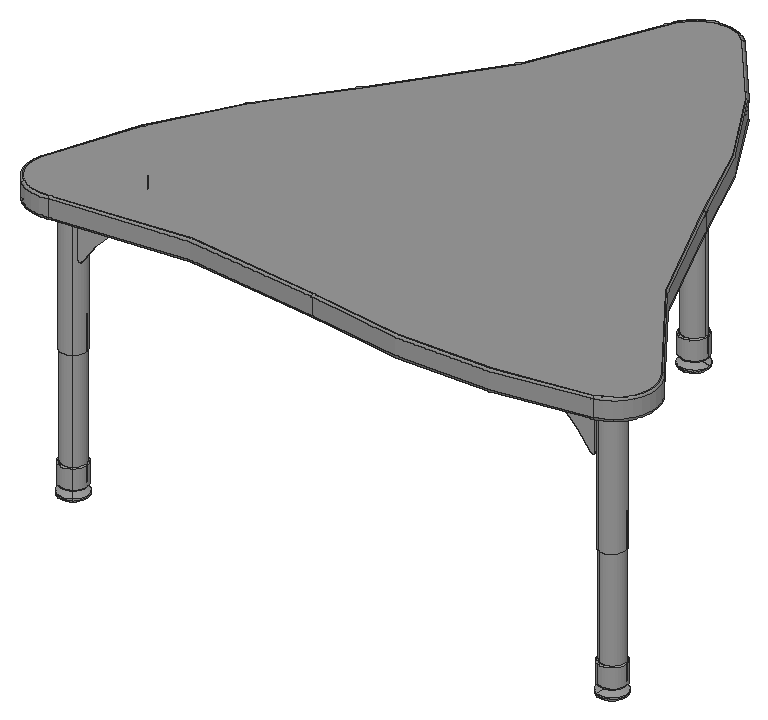
Revit family "Hierarchy Creator Triangle Desk - Youth Height", category Furniture, Revit 2018
Family settings
  Work Plane-Based = No
  Always vertical = Yes
  Cut with Voids When Loaded = No
  Shared = No
  Room Calculation Point = No
Parameters
  Surface = Hierarchy Creator Triangle Desk Youth Surface
  Leg Finish = Hierarchy Leg Platinum
  Edgeband = Hierarchy Creator Triangle Desk Youth Edgeband
  Desk Height = 1' - 4"
  Caster/Glide = Hierarchy Youth Leg - Glide : Hierarchy Youth Leg - Glide
Reference planes (in)
  plane 1 "Center (Front/Back)": y = 0
  plane 2: z = 0
  plane 3 "Center (Left/Right)": x = 0
  plane 4: z = 16
Dimensions and locks (in)
  "Desk Height": plane 4 to level
  aligned and locked: plane 2 to level
  aligned and locked: nested 1 to plane 4
Nested families (in)
  nested 1: "Creator Triangle Desk Tabletop" at (0.04688, -4.75192, 2.97788), type "Creator Triangle Desk Tabletop"
  nested 2: "Hierarchy Youth Leg - Glide" at (-16.0836, -13.74317, 0) x (-0.6183, 0.7859, 0) z (0, 0, 1), Leg Height <- "Desk Height", type <- "Caster/Glide", Leg Finish <- "Leg Finish", type "Hierarchy Youth Leg - Glide"
    with Leg Height 1' - 4", Leg Finish Hierarchy Leg Platinum
  nested 3: "Hierarchy Youth Leg - Glide" at (15.66289, -12.80031, 0) x (0.3678, 0.9299, 0) z (0, 0, 1), Leg Height <- "Desk Height", type <- "Caster/Glide", Leg Finish <- "Leg Finish", type "Hierarchy Youth Leg - Glide"
    with Leg Height 1' - 4", Leg Finish Hierarchy Leg Platinum
  nested 4: "Hierarchy Youth Leg - Glide" at (-0.996, 14.17635, 0) x (0.9898, 0.1425, 0) z (0, 0, 1), Leg Finish <- "Leg Finish", Leg Height <- "Desk Height", type "Hierarchy Youth Leg - Glide"
    with Leg Height 1' - 4", Leg Finish Hierarchy Leg Platinum
Definition of nested family "Creator Triangle Desk Tabletop"
  Parameters (values of type "Creator Triangle Desk Tabletop")
    Surface = none
    Edgeband = none
  Reference planes (in)
    plane 1 "Center (Front/Back)": y = 0
    plane 2: z = 0
    plane 3 "Center (Left/Right)": x = 0
  Forms (in)
    Extrusion 1, solid, material <- "Surface"
      sketch origin (0, 0, 0) x (1, 0, 0) y (0, 1, 0)
        loop
          arc (0.49793, 20.64445) -> (-1.62997, 21.25192) -> (-3.23948, 19.73323) r 2.23764
          arc (-3.23948, 19.73323) -> (-6.27486, 12.50268) -> (-10.68964, 6.02163) r 39.17158
          arc (-10.68964, 6.02163) -> (-15.30181, -0.83979) -> (-18.36031, -8.52072) r 38.91212
          arc (-18.36031, -8.52072) -> (-17.82317, -10.66793) -> (-15.70247, -11.30166) r 2.23648
          arc (-15.70247, -11.30166) -> (-7.92295, -10.31182) -> (-0.10265, -10.89815) r 39.0058
          arc (-0.10265, -10.89815) -> (8.14576, -11.46539) -> (16.3268, -10.27009) r 38.75551
          arc (16.3268, -10.27009) -> (17.91698, -8.73073) -> (17.40639, -6.57722) r 2.23801
          arc (17.40639, -6.57722) -> (12.66225, -0.33343) -> (9.25675, 6.73016) r 39.1738
          arc (9.25675, 6.73016) -> (5.62049, 14.15511) -> (0.49793, 20.64445) r 38.91895
      from 13.02212 to 14.27206
    Sweep 2, solid, material <- "Edgeband"
      path origin (0, 0, 0) x (1, 0, 0) y (0, 1, 0)
        loop
          arc (0.49793, 20.64445) -> (-1.62997, 21.25192) -> (-3.23948, 19.73323) r 2.23764
          arc (-3.23948, 19.73323) -> (-6.27486, 12.50268) -> (-10.68964, 6.02163) r 39.17158
          arc (-10.68964, 6.02163) -> (-15.30181, -0.83979) -> (-18.36031, -8.52072) r 38.91212
          arc (-18.36031, -8.52072) -> (-17.82317, -10.66793) -> (-15.70247, -11.30166) r 2.23648
          arc (-15.70247, -11.30166) -> (-7.92295, -10.31182) -> (-0.10265, -10.89815) r 39.0058
          arc (-0.10265, -10.89815) -> (8.14576, -11.46539) -> (16.3268, -10.27009) r 38.75551
          arc (16.3268, -10.27009) -> (17.91698, -8.73073) -> (17.40639, -6.57722) r 2.23801
          arc (17.40639, -6.57722) -> (12.66225, -0.33343) -> (9.25675, 6.73016) r 39.1738
          arc (9.25675, 6.73016) -> (5.62049, 14.15511) -> (0.49793, 20.64445) r 38.91895
      profile origin (-1.62997, 21.25192, 0) x (0.236871, -0.971541, 0) y (0, 0, 1)
        loop
          line (0, 13.02218) -> (0, 14.27206)
          arc (0, 14.27206) -> (-0.08841, 14.23311) -> (-0.12472, 14.14358) r 0.12854
          line (-0.12472, 14.14358) -> (-0.12472, 13.15066)
          arc (-0.12472, 13.15066) -> (-0.08841, 13.06113) -> (0, 13.02218) r 0.12854
  Dimensions and locks (in)
    aligned and locked: plane 2 to level
Definition of nested family "Hierarchy Youth Leg - Glide"
  Parameters (values of type "Hierarchy Youth Leg - Glide")
    Leg Finish [instance] = none
    Leg Height [instance] = 1' - 4.80117"
  Reference planes (in)
    plane 1 "Center (Front/Back)": y = 0
    plane 2: z = 0
    plane 3 "Center (Left/Right)": x = 0
  Forms (in)
    Extrusion 1, solid
      sketch origin (-0.01562, 0, 0) x (1, 0, 0) y (0, 1, 0)
        loop
          circle (0.01563, 0) r 0.67016
      from 0.67618 to 10.55018
    Revolve 2, solid
      sketch origin (0, 0, 0) x (1, 0, 0) y (0, 0, 1)
        loop
          line (-0.73189, 1.80118) -> (-0.79439, 1.73867) -> (-0.79439, 0.61381) -> (-0.73176, 0.55118) -> (-0.125, 0.55118) -> (-0.125, 0.42618) -> (-0.84656, 0.16241) -> (-0.84656, 0.08994) -> (-0.81359, 0) -> (0, 0) -> (0, 1.80118) -> (-0.73189, 1.80118)
        axis (0, 1.80118) -> (0, 0)
      angle from 0 to 360
  Dimensions and locks (in)
    "Leg Height": nested 1 to level  (x2)
    aligned and locked: plane 2 to level
  Automatic sketch dimensions
    plane 1 "Center (Front/Back)" to Extrusion 1 sketch curve = 0' - 0"
    Extrusion 1 sketch curve to plane 3 "Center (Left/Right)" = 0' - 0"
    Revolve 2 sketch curve to level = 0' - 0"
    Revolve 2 sketch curve to plane 3 "Center (Left/Right)" = 0' - 0"  (x2)
    Revolve 2 sketch curve to plane 3 "Center (Left/Right)" = 0' - 0 1/8"
    Revolve 2 sketch curve to Revolve 2 sketch curve = 0' - 0.60676"
    Revolve 2 sketch curve to Revolve 2 sketch curve = 0' - 0.73189"
    Revolve 2 sketch curve to Revolve 2 sketch curve = 0' - 0.06263"  (x2)
    Revolve 2 sketch curve to Revolve 2 sketch curve = 0' - 0.08183"
    Revolve 2 sketch curve to Revolve 2 sketch curve = 0' - 0.03297"
    level to Revolve 2 sketch curve = 0' - 0.08994"
    Revolve 2 sketch curve to Revolve 2 sketch curve = 0' - 0.07247"
    level to Revolve 2 sketch curve = 0' - 0.42618"
    Revolve 2 sketch curve to Revolve 2 sketch curve = 0' - 0 1/8"
    Revolve 2 sketch curve to Revolve 2 sketch curve = 0' - 1.12486"
    Revolve 2 sketch curve to Revolve 2 sketch curve = 0' - 0 1/16"
    Revolve 2 sketch curve to level = 2' - 0"
    Revolve 2 sketch curve to Revolve 2 sketch curve = 8' - 4.91764"
    radius of Extrusion 1 sketch curve = 0' - 0.67016"
  Nested families (in)
    nested 1: "Hierarchy Youth Upper Leg 2023" at (0, 0, 0), Leg Finish <- "Leg Finish", type "Hierarchy Youth Upper Leg 2023"
      with Leg Finish none
  Definition of nested family "Hierarchy Youth Upper Leg 2023"
    Parameters (values of type "Hierarchy Youth Upper Leg 2023")
      Leg Finish [instance] = none
    Reference planes (in)
      plane 1 "Center (Front/Back)": y = 0
      plane 2: z = 0
      plane 3 "Center (Left/Right)": x = 0
    Forms (in)
      Extrusion 1, solid, material <- "Leg Finish"
        sketch origin (0, 0, -11.001) x (1, 0, 0) y (0, 1, 0)
          loop
            circle (0, 0) r 0.75
        from 19.67618 to 27.67618
      Extrusion 2, solid, material <- "Leg Finish"
        sketch origin (0, 0, -11.001) x (1, 0, 0) y (0, 1, 0)
          loop
            line (-1.70174, 0.19183) -> (-2.88626, -2.26116)
            arc (-2.88626, -2.26116) -> (-2.83993, -3.09822) -> (-2.1063, -3.50394) r 0.86614
            line (-2.1063, -3.50394) -> (2.1063, -3.50394)
            arc (2.1063, -3.50394) -> (2.83993, -3.09822) -> (2.88626, -2.26116) r 0.86614
            line (2.88626, -2.26116) -> (1.70174, 0.19183)
            arc (1.70174, 0.19183) -> (0, 1.25984) -> (-1.70174, 0.19183) r 1.88976
        from 27.67618 to 27.80217
      Extrusion 3, solid, material <- "Leg Finish"
        sketch origin (-1.48519, 8.66524, -11.001) x (-0.434844, 0.900506, 0) y (0, 0, 1)
          loop
            line (-9.01425, 27.67618) -> (-11.80952, 27.67618)
            arc (-11.80952, 27.67618) -> (-11.92325, 27.58993) -> (-11.87088, 27.45715) r 0.11811
            arc (-11.87088, 27.45715) -> (-10.39364, 26.29679) -> (-9.23328, 24.81955) r 7.87402
            arc (-9.23328, 24.81955) -> (-9.1005, 24.76717) -> (-9.01425, 24.88091) r 0.11811
            line (-9.01425, 24.88091) -> (-9.01425, 27.67618)
        from -1.94075 to -1.81476
      Extrusion 4, solid, material <- "Leg Finish"
        sketch origin (1.48519, 8.66524, -11.001) x (0.434844, 0.900506, 0) y (0, 0, -1)
          loop
            line (-9.01425, -27.67618) -> (-9.01425, -24.88091)
            arc (-9.01425, -24.88091) -> (-9.1005, -24.76717) -> (-9.23328, -24.81955) r 0.11811
            arc (-9.23328, -24.81955) -> (-10.39364, -26.29679) -> (-11.87088, -27.45715) r 7.87402
            arc (-11.87088, -27.45715) -> (-11.92325, -27.58993) -> (-11.80952, -27.67618) r 0.11811
            line (-11.80952, -27.67618) -> (-9.01425, -27.67618)
        from -1.94075 to -1.81476
    Dimensions and locks (in)
      aligned and locked: plane 2 to level
